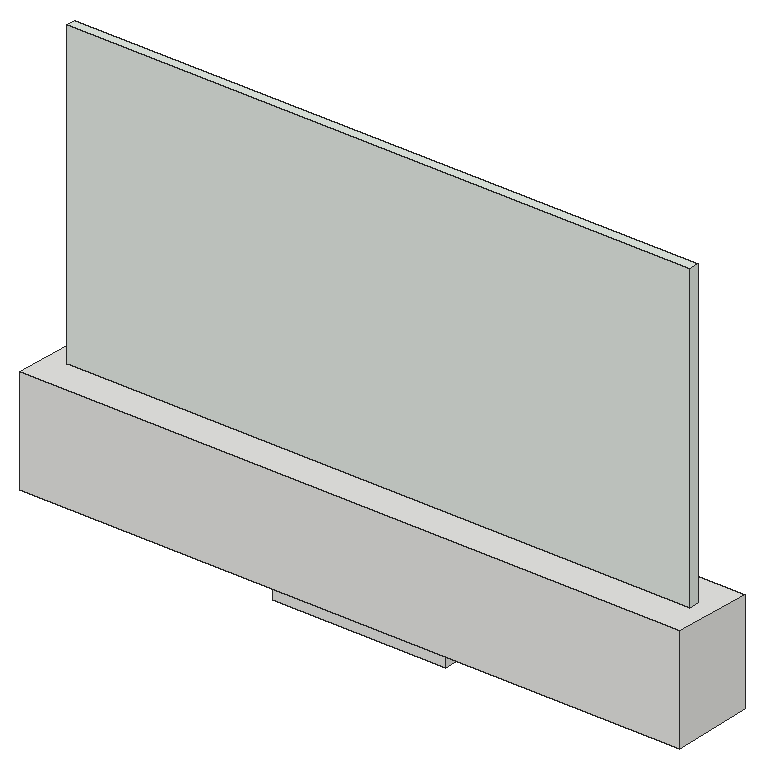
Revit family "Lighting_Emergency&Security_Linergy_Astra", category Lighting Fixtures, host Face, Revit 2018
Family settings
  Host = Face
  Round Connector Dimension = Use Diameter
  Part Type = Normal
  OmniClass Number = 23.35.47.15
  OmniClass Title = Exit Illuminated Signs
  Cut with Voids When Loaded = No
  Light Source = Yes
  Shared = No
  Room Calculation Point = No
Parameters (values of type "Default - please load Revit Family Type Catalog")
  Wattage = 2.2 W
  built-in parameter 1150110 = 1 (stored number, unit not read)
  Voltage = 230 V
  Viewing distance = "22 m"
  URL - Article page = "https://www.linergy.it/en/article/AS1201/"
  URL = "https://www.linergy.it/en/product/astra/"
  Type 32 = not(Type 22)  # no
  Type 22 = yes
  built-in parameter 1114217 = 1 (stored number, unit not read)
  Tilt Angle = 90.00°
  built-in parameter 1150109 = 1 (stored number, unit not read)
  built-in parameter 1150134 = 3
  Technical description = "https://www.linergy.it/en/product/astra/"
  built-in parameter 1150113 = 1 (stored number, unit not read)
  QR code = "https://bimobject.com/linergy/product/astra"
  Protection degree = "IP40"
  Product url = "https://www.linergy.it/en/product/astra/"
  Product name = "ASTRA - Emergency signalling luminaire"
  Product group = "Signalling luminaires"
  Product family = "Signalling luminaires"
  Product data url = "https://bimobject.com/linergy/product/astra"
  Product certification = "https://www.linergy.it/en/product/astra/"
  Product SKU = "astra"
  Product Guid = "e71a8c37-d0ef-48fd-8abf-63ec5bc0de21"
  Power supply = "230 Vac"
  Power Factor = "0"
  Photometric Web File = "generic"
  OmniClass Description = "Exit Illuminated Signs"
  OmniClass Code = "23-35 47 15"
  Number of Poles = 1
  built-in parameter 1150142 = (empty or 0)
  Mounting Opt 3 = Mounting : Wall
  Mounting Opt 2 = Mounting : Flag
  Mounting Opt 1 = Mounting : Ceiling
  Mounting [instance] = Mounting : Ceiling
  Model = "AS1201"
  Material secondary = "Electronic & optical components"
  Material main = "PC/ABS"
  Manufacturer name = "Linergy"
  Manufacturer country = "Italy"
  Manufacturer = "Linergy"
  built-in parameter 1150105 = 330 (stored number, unit not read)
  Lumens = 1380 lm
  built-in parameter 1150115 = 1 (stored number, unit not read)
  built-in parameter 1150137 = (empty or 0)
  built-in parameter 1150139 = (empty or 0)
  Lamp type = "NM/M"
  built-in parameter 1150112 = 1 (stored number, unit not read)
  built-in parameter 1150114 = 1 (stored number, unit not read)
  Insulation class = "II"
  Installation instructions = "https://www.linergy.it/en/product/astra/"
  Input power = 2.2 W
  built-in parameter 1150132 = (empty or 0)
  built-in parameter 1150102 = (empty or 0)
  built-in parameter 1150107 = 3200 (stored number, unit not read)
  built-in parameter 1150138 = (empty or 0)
  built-in parameter 1150106 = 1.0982 (stored number, unit not read)
  IFC Classification = "Light Fixture"
  Function = "Inhibit"
  built-in parameter 1150104 = 13.935 (stored number, unit not read)
  Dimming Lamp Color Temperature Shift = <None>
  Description = "LED Emergency signalling luminaires."  # constant formula
  Color Filter = 16777215
  built-in parameter 1114218 = 1 (stored number, unit not read)
  built-in parameter 1150133 = 10 (stored number, unit not read)
  Apparent Load = 0 VA
  32 Wall mounted right [instance] = if(and((Arrow = Arrow Opt 3), (Mounting = Mounting Opt 3), (Type 32)), 1 = 1, 1 = 0)  # no
  32 Wall mounted left [instance] = if(and((Arrow = Arrow Opt 2), (Mounting = Mounting Opt 3), (Type 32)), 1 = 1, 1 = 0)  # no
  32 Wall mounted down [instance] = if(and((Arrow = Arrow Opt 1), (Mounting = Mounting Opt 3), (Type 32)), 1 = 1, 1 = 0)  # no
  32 Flag mounted right [instance] = if(and((Arrow = Arrow Opt 3), (Mounting = Mounting Opt 2), (Type 32)), 1 = 1, 1 = 0)  # no
  32 Flag mounted left [instance] = if(and((Arrow = Arrow Opt 2), (Mounting = Mounting Opt 2), (Type 32)), 1 = 1, 1 = 0)  # no
  32 Flag mounted down [instance] = if(and((Arrow = Arrow Opt 1), (Mounting = Mounting Opt 2), (Type 32)), 1 = 1, 1 = 0)  # no
  32 Ceiling mounted ritgh [instance] = if(and((Arrow = Arrow Opt 3), (Mounting = Mounting Opt 1), (Type 32)), 1 = 1, 1 = 0)  # no
  32 Ceiling mounted left [instance] = if(and((Arrow = Arrow Opt 2), (Mounting = Mounting Opt 1), (Type 32)), 1 = 1, 1 = 0)  # no
  32 Ceiling mounted down [instance] = if(and((Arrow = Arrow Opt 1), (Mounting = Mounting Opt 1), (Type 32)), 1 = 1, 1 = 0)  # no
  22 Wall mounted down [instance] = if(and((Arrow = Arrow Opt 1), (Mounting = Mounting Opt 3), (Type 22)), 1 = 1, 1 = 0)  # no
  22 Flag mounted left [instance] = if(and((Arrow = Arrow Opt 2), (Mounting = Mounting Opt 2), (Type 22)), 1 = 1, 1 = 0)  # no
  Edition number = 1
  Duration = "1/2/3 h"
  Design country = "Italy"
  Default Elevation = 1219.2 mm
  Battery = "Li-FePO4 3,2V 1,5Ah"
  BIMobject category = "Emergency & Security"
  Arrow Opt 3 = Direction : Right
  Arrow Opt 2 = Direction : Left
  Arrow Opt 1 = Direction : Down
  Arrow [instance] = Direction : Down
  Apparent Load Phase 3 = 0 VA
  Apparent Load Phase 2 = 0 VA
  22 Wall mounted right [instance] = if(and((Arrow = Arrow Opt 3), (Mounting = Mounting Opt 3), (Type 22)), 1 = 1, 1 = 0)  # no
  22 Wall mounted left [instance] = if(and((Arrow = Arrow Opt 2), (Mounting = Mounting Opt 3), (Type 22)), 1 = 1, 1 = 0)  # no
  22 Flag mouted right [instance] = if(and((Arrow = Arrow Opt 3), (Mounting = Mounting Opt 2), (Type 22)), 1 = 1, 1 = 0)  # no
  22 Flag mounted down [instance] = if(and((Arrow = Arrow Opt 1), (Mounting = Mounting Opt 2), (Type 22)), 1 = 1, 1 = 0)  # no
  22 Ceiling mounted right [instance] = if(and((Arrow = Arrow Opt 3), (Mounting = Mounting Opt 1), (Type 22)), 1 = 1, 1 = 0)  # no
  22 Ceiling mounted left [instance] = if(and((Arrow = Arrow Opt 2), (Mounting = Mounting Opt 1), (Type 22)), 1 = 1, 1 = 0)  # no
  22 Ceiling mounted down [instance] = if(and((Arrow = Arrow Opt 1), (Mounting = Mounting Opt 1), (Type 22)), 1 = 1, 1 = 0)  # yes
Reference planes
  plane 1 "Center (Front/Back)": y = 0
  plane 2: z = 0
  plane 3 "Center (Left/Right)": x = 0
Forms (mm)
  Extrusion 1, solid, not visible
    sketch origin (0, 0, 0) x (1, 0, 0) y (0, 1, 0)
      loop
        line (-15, 15) -> (-15, -15) -> (15, -15) -> (15, 15) -> (-15, 15)
    from 0 to 30
Dimensions and locks
  aligned and locked: plane 2 to host face
  aligned and locked: level to host face
Nested families
  nested 1: "Mounting" at (69.983, 470.479, 0), type "Ceiling"
  nested 2: "Type" at (0, 0, 0), 22 Ceiling mounted down <- "22 Ceiling mounted down", 22 Ceiling mounted left <- "22 Ceiling mounted left", 22 Ceiling mounted right <- "22 Ceiling mounted right", 22 Flag mounted right <- "22 Flag mouted right", 22 Flag mounted down <- "22 Flag mounted down", 22 Flag mounted left <- "22 Flag mounted left", 22 Wall mounted left <- "22 Wall mounted left", 22 Wall mounted right <- "22 Wall mounted right", 22 Wall mounted down <- "22 Wall mounted down", 32 Ceiling mounted down <- "32 Ceiling mounted down", 32 Ceiling mounted left <- "32 Ceiling mounted left", 32 Ceiling mounted right <- "32 Ceiling mounted ritgh", 32 Flag mounted down <- "32 Flag mounted down", 32 Flag mounted left <- "32 Flag mounted left", 32 Flag mounted right <- "32 Flag mounted right", 32 Wall mounted down <- "32 Wall mounted down", 32 Wall mounted lef <- "32 Wall mounted left", 32 Wall mounted right <- "32 Wall mounted right", type "Astra"
    with 32 Wall mounted right no, 32 Wall mounted lef no, 32 Wall mounted down no, 32 Flag mounted right no, 32 Flag mounted left no, 32 Flag mounted down no, 32 Ceiling mounted right no, 32 Ceiling mounted left no, 32 Ceiling mounted down no, 22 Wall mounted right no, 22 Wall mounted left no, 22 Wall mounted down no, 22 Flag mounted right no, 22 Flag mounted left no, 22 Flag mounted down no, 22 Ceiling mounted right no, 22 Ceiling mounted left no, 22 Ceiling mounted down yes
Connectors
  electrical at (0, 0, 0), driven by "Apparent Load", driven by "Voltage", driven by "Number of Poles"
    settings: on Extrusion 1, index 1, voltage 230 V, apparent load 0 VA, apparent load phase1 0 VA, apparent load phase2 0 VA, apparent load phase3 0 VA, power factor 1, load classification "Power", number of poles 1, system type 31, power factor state 1, is connector primary yes, connector utility no, sub classification motor no, connector description "Power input"
Definition of nested family "Type"
  Parameters (values of type "Astra")
    sign material = none
    base material = none
    32 right_90 = none
    32 right_270 = none
    32 right = none
    32 left_90 = none
    32 left_270 = none
    32 left = none
    32 down_90 = none
    32 down_270 = none
    32 down = none
    32 Wall mounted right [instance] = no
    32 Wall mounted lef [instance] = no
    32 Wall mounted down [instance] = no
    32 Flag mounted right [instance] = no
    32 Flag mounted left [instance] = no
    32 Flag mounted down [instance] = no
    32 Ceiling mounted right [instance] = no
    32 Ceiling mounted left [instance] = no
    32 Ceiling mounted down [instance] = no
    22 right_90 = none
    22 right_270 = none
    22 right = none
    22 left_90 = none
    22 left_270 = none
    22 left = none
    22 down_90 = none
    22 down_270 = none
    22 down = none
    22 Wall mounted right [instance] = no
    22 Wall mounted left [instance] = no
    22 Wall mounted down [instance] = no
    22 Flag mounted right [instance] = no
    22 Flag mounted left [instance] = yes
    22 Flag mounted down [instance] = no
    22 Ceiling mounted right [instance] = no
    22 Ceiling mounted left [instance] = no
    22 Ceiling mounted down [instance] = no
  Reference planes
    plane 1 "Center (Front/Back)": y = 0
    plane 2: z = 0
    plane 3 "Center (Left/Right)": x = 0
  Forms (mm)
    Extrusion 1, solid, material <- "base material", visible <- "22 Flag mounted right", detail levels fine
      sketch origin (0, 0, 7.5) x (0, -1, 0) y (0, 0, -1)
        loop
          line (35.4, 0) -> (35.4, 7.5) -> (-35.4, 7.5) -> (-35.4, 0) -> (35.4, 0)
      from -11.8 to 11.8
    Extrusion 2, solid, material <- "base material", visible <- "22 Flag mounted right", detail levels coarse+medium
      sketch origin (0, 28.5, 142.8) x (-1, 0, 0) y (0, -1, 0)
        loop
          line (16.5, 7.5) -> (16.5, 50.6) -> (-16.5, 50.6) -> (-16.5, 7.5) -> (16.5, 7.5)
      from -142.8 to 135.3
    Extrusion 3, solid, material <- "22 right_90", visible <- "22 Flag mounted right"
      sketch origin (0, 28.5, 142.8) x (-1, 0, 0) y (0, -1, 0)
        loop
          line (-2, 174.3) -> (-2, 50.117) -> (2, 49.983) -> (2, 174.3) -> (-2, 174.3)
      from -127.5 to 127.5
    Extrusion 4, solid, material <- "base material", visible <- "22 Wall mounted right", detail levels fine
      sketch origin (0, 0, 7.5) x (1, 0, 0) y (0, 0, -1)
        loop
          line (35.4, 0) -> (35.4, 7.5) -> (-35.4, 7.5) -> (-35.4, 0) -> (35.4, 0)
      from -11.4 to 11.4
    Extrusion 5, solid, material <- "22 right", visible <- "22 Wall mounted right"
      sketch origin (-3.75, 28.5, 24) x (0, 0, -1) y (0, -1, 0)
        loop
          line (-2, 174.3) -> (-2, 49.983) -> (2, 50.117) -> (2, 174.3) -> (-2, 174.3)
      from -127.5 to 127.5
    Extrusion 6, solid, material <- "base material", visible <- "22 Wall mounted right", detail levels coarse+medium
      sketch origin (-3.75, 28.5, 24) x (0, 0, 1) y (0, 1, 0)
        loop
          line (16.5, -50.6) -> (16.5, -7.5) -> (-24, -7.5) -> (-24, -50.6) -> (16.5, -50.6)
      from -135.3 to 135.3
    Extrusion 7, solid, material <- "base material", visible <- "22 Ceiling mounted right", detail levels fine
      sketch origin (0, 0, 0) x (1, 0, 0) y (0, 0, 1)
        loop
          line (35.4, 0) -> (35.4, 7.5) -> (-35.4, 7.5) -> (-35.4, 0) -> (35.4, 0)
      from -11.8 to 11.8
    Extrusion 8, solid, material <- "base material", visible <- "22 Ceiling mounted right", detail levels coarse+medium
      sketch origin (0, 0, 0) x (0, 1, 0) y (0, 0, 1)
        loop
          line (-16.5, 50.6) -> (-16.5, 0) -> (16.5, 0) -> (16.5, 50.6) -> (-16.5, 50.6)
      from -135.3 to 135.3
    Extrusion 9, solid, material <- "22 right", visible <- "22 Ceiling mounted right"
      sketch origin (0, 0, 0) x (0, 1, 0) y (0, 0, 1)
        loop
          line (-2, 174.3) -> (-2, 50.117) -> (2, 49.983) -> (2, 174.3) -> (-2, 174.3)
      from -127.5 to 127.5
    Extrusion 10, solid, material <- "base material", visible <- "22 Ceiling mounted left", detail levels fine
      sketch origin (0, 0, 0) x (1, 0, 0) y (0, 0, 1)
        loop
          line (35.4, 0) -> (35.4, 7.5) -> (-35.4, 7.5) -> (-35.4, 0) -> (35.4, 0)
      from -11.8 to 11.8
    Extrusion 11, solid, material <- "base material", visible <- "22 Ceiling mounted left", detail levels coarse+medium
      sketch origin (0, 0, 0) x (0, 1, 0) y (0, 0, 1)
        loop
          line (-16.5, 50.6) -> (-16.5, 0) -> (16.5, 0) -> (16.5, 50.6) -> (-16.5, 50.6)
      from -135.3 to 135.3
    Extrusion 12, solid, material <- "22 left", visible <- "22 Ceiling mounted left"
      sketch origin (0, 0, 0) x (0, 1, 0) y (0, 0, 1)
        loop
          line (-2, 174.3) -> (-2, 50.117) -> (2, 49.983) -> (2, 174.3) -> (-2, 174.3)
      from -127.5 to 127.5
    Extrusion 13, solid, material <- "base material", visible <- "22 Ceiling mounted down", detail levels fine
      sketch origin (0, 0, 0) x (1, 0, 0) y (0, 0, 1)
        loop
          line (35.4, 0) -> (35.4, 7.5) -> (-35.4, 7.5) -> (-35.4, 0) -> (35.4, 0)
      from -11.8 to 11.8
    Extrusion 14, solid, material <- "base material", visible <- "22 Ceiling mounted down", detail levels coarse+medium
      sketch origin (0, 0, 0) x (0, 1, 0) y (0, 0, 1)
        loop
          line (16.5, 0) -> (16.5, 50.6) -> (-16.5, 50.6) -> (-16.5, 0) -> (16.5, 0)
      from -135.3 to 135.3
    Extrusion 15, solid, material <- "22 down", visible <- "22 Ceiling mounted down"
      sketch origin (0, 0, 0) x (0, 1, 0) y (0, 0, 1)
        loop
          line (-2, 174.3) -> (-2, 50.117) -> (2, 49.983) -> (2, 174.3) -> (-2, 174.3)
      from -127.5 to 127.5
    Extrusion 16, solid, material <- "base material", visible <- "22 Flag mounted left", detail levels fine
      sketch origin (0, 0, 7.5) x (0, -1, 0) y (0, 0, -1)
        loop
          line (35.4, 0) -> (35.4, 7.5) -> (-35.4, 7.5) -> (-35.4, 0) -> (35.4, 0)
      from -11.8 to 11.8
    Extrusion 17, solid, material <- "base material", visible <- "22 Flag mounted left", detail levels coarse+medium
      sketch origin (0, 28.5, 142.8) x (-1, 0, 0) y (0, -1, 0)
        loop
          line (16.5, 7.5) -> (16.5, 50.6) -> (-16.5, 50.6) -> (-16.5, 7.5) -> (16.5, 7.5)
      from -142.8 to 135.3
    Extrusion 18, solid, material <- "22 left_90", visible <- "22 Flag mounted left"
      sketch origin (0, 28.5, 142.8) x (-1, 0, 0) y (0, -1, 0)
        loop
          line (-2, 174.3) -> (-2, 50.117) -> (2, 49.983) -> (2, 174.3) -> (-2, 174.3)
      from -127.5 to 127.5
    Extrusion 19, solid, material <- "base material", visible <- "22 Flag mounted down", detail levels fine
      sketch origin (0, 0, 7.5) x (0, -1, 0) y (0, 0, -1)
        loop
          line (35.4, 0) -> (35.4, 7.5) -> (-35.4, 7.5) -> (-35.4, 0) -> (35.4, 0)
      from -11.8 to 11.8
    Extrusion 20, solid, material <- "base material", visible <- "22 Flag mounted down", detail levels coarse+medium
      sketch origin (0, 28.5, 142.8) x (-1, 0, 0) y (0, -1, 0)
        loop
          line (16.5, 7.5) -> (16.5, 50.6) -> (-16.5, 50.6) -> (-16.5, 7.5) -> (16.5, 7.5)
      from -142.8 to 135.3
    Extrusion 21, solid, material <- "22 down", visible <- "22 Flag mounted down"
      sketch origin (0, 28.5, 142.8) x (-1, 0, 0) y (0, -1, 0)
        loop
          line (-2, 174.3) -> (-2, 50.117) -> (2, 49.983) -> (2, 174.3) -> (-2, 174.3)
      from -127.5 to 127.5
    Extrusion 22, solid, material <- "base material", visible <- "22 Wall mounted left", detail levels fine
      sketch origin (0, 0, 7.5) x (1, 0, 0) y (0, 0, -1)
        loop
          line (35.4, 0) -> (35.4, 7.5) -> (-35.4, 7.5) -> (-35.4, 0) -> (35.4, 0)
      from -11.4 to 11.4
    Extrusion 23, solid, material <- "22 left", visible <- "22 Wall mounted left"
      sketch origin (-3.75, 28.5, 24) x (0, 0, -1) y (0, -1, 0)
        loop
          line (-2, 174.3) -> (-2, 49.983) -> (2, 50.117) -> (2, 174.3) -> (-2, 174.3)
      from -127.5 to 127.5
    Extrusion 24, solid, material <- "base material", visible <- "22 Wall mounted left", detail levels coarse+medium
      sketch origin (-3.75, 28.5, 24) x (0, 0, 1) y (0, 1, 0)
        loop
          line (16.5, -50.6) -> (16.5, -7.5) -> (-24, -7.5) -> (-24, -50.6) -> (16.5, -50.6)
      from -135.3 to 135.3
    Extrusion 25, solid, material <- "base material", visible <- "22 Wall mounted down", detail levels fine
      sketch origin (0, 0, 7.5) x (1, 0, 0) y (0, 0, -1)
        loop
          line (35.4, 0) -> (35.4, 7.5) -> (-35.4, 7.5) -> (-35.4, 0) -> (35.4, 0)
      from -11.4 to 11.4
    Extrusion 26, solid, material <- "22 down", visible <- "22 Wall mounted down"
      sketch origin (-3.75, 28.5, 24) x (0, 0, -1) y (0, -1, 0)
        loop
          line (-2, 174.3) -> (-2, 49.983) -> (2, 50.117) -> (2, 174.3) -> (-2, 174.3)
      from -127.5 to 127.5
    Extrusion 27, solid, material <- "base material", visible <- "22 Wall mounted down", detail levels coarse+medium
      sketch origin (-3.75, 28.5, 24) x (0, 0, 1) y (0, 1, 0)
        loop
          line (16.5, -7.5) -> (-24, -7.5) -> (-24, -50.6) -> (16.5, -50.6) -> (16.5, -7.5)
      from -135.3 to 135.3
    Extrusion 28, solid, material <- "base material", visible <- "32 Flag mounted right", detail levels fine
      sketch origin (0, 0, 7.5) x (0, -1, 0) y (0, 0, -1)
        loop
          line (35.4, 0) -> (35.4, 7.5) -> (-35.4, 7.5) -> (-35.4, 0) -> (35.4, 0)
      from -11.8 to 11.8
    Extrusion 29, solid, material <- "base material", visible <- "32 Flag mounted right", detail levels coarse+medium
      sketch origin (0, 28.5, 142.8) x (-1, 0, 0) y (0, -1, 0)
        loop
          line (16.5, 7.5) -> (16.5, 50.6) -> (-16.5, 50.6) -> (-16.5, 7.5) -> (16.5, 7.5)
      from -142.8 to 135.3
    Extrusion 30, solid, material <- "32 right_90", visible <- "32 Flag mounted right"
      sketch origin (0, 28.5, 142.8) x (-1, 0, 0) y (0, -1, 0)
        loop
          line (-2, 213.6) -> (-2, 50.117) -> (2, 49.983) -> (2, 213.6) -> (-2, 213.6)
      from -127.5 to 127.5
    Extrusion 31, solid, material <- "base material", visible <- "32 Wall mounted right", detail levels fine
      sketch origin (0, 0, 7.5) x (1, 0, 0) y (0, 0, -1)
        loop
          line (35.4, 0) -> (35.4, 7.5) -> (-35.4, 7.5) -> (-35.4, 0) -> (35.4, 0)
      from -11.4 to 11.4
    Extrusion 32, solid, material <- "32 right", visible <- "32 Wall mounted right"
      sketch origin (-3.75, 28.5, 24) x (0, 0, -1) y (0, -1, 0)
        loop
          line (-2, 213.6) -> (-2, 49.983) -> (2, 50.117) -> (2, 213.6) -> (-2, 213.6)
      from -127.5 to 127.5
    Extrusion 33, solid, material <- "base material", visible <- "32 Wall mounted right", detail levels coarse+medium
      sketch origin (-3.75, 28.5, 24) x (0, 0, 1) y (0, 1, 0)
        loop
          line (16.5, -50.6) -> (16.5, -7.5) -> (-24, -7.5) -> (-24, -50.6) -> (16.5, -50.6)
      from -135.3 to 135.3
    Extrusion 34, solid, material <- "base material", visible <- "32 Ceiling mounted right", detail levels fine
      sketch origin (0, 0, 0) x (1, 0, 0) y (0, 0, 1)
        loop
          line (35.4, 0) -> (35.4, 7.5) -> (-35.4, 7.5) -> (-35.4, 0) -> (35.4, 0)
      from -11.8 to 11.8
    Extrusion 35, solid, material <- "base material", visible <- "32 Ceiling mounted right", detail levels coarse+medium
      sketch origin (0, 0, 0) x (0, 1, 0) y (0, 0, 1)
        loop
          line (-16.5, 50.6) -> (-16.5, 0) -> (16.5, 0) -> (16.5, 50.6) -> (-16.5, 50.6)
      from -135.3 to 135.3
    Extrusion 36, solid, material <- "32 right", visible <- "32 Ceiling mounted right"
      sketch origin (0, 0, 0) x (0, 1, 0) y (0, 0, 1)
        loop
          line (-2, 213.6) -> (-2, 50.117) -> (2, 49.983) -> (2, 213.6) -> (-2, 213.6)
      from -127.5 to 127.5
    Extrusion 37, solid, material <- "base material", visible <- "32 Ceiling mounted left", detail levels fine
      sketch origin (0, 0, 0) x (1, 0, 0) y (0, 0, 1)
        loop
          line (35.4, 0) -> (35.4, 7.5) -> (-35.4, 7.5) -> (-35.4, 0) -> (35.4, 0)
      from -11.8 to 11.8
    Extrusion 38, solid, material <- "base material", visible <- "32 Ceiling mounted left", detail levels coarse+medium
      sketch origin (0, 0, 0) x (0, 1, 0) y (0, 0, 1)
        loop
          line (-16.5, 50.6) -> (-16.5, 0) -> (16.5, 0) -> (16.5, 50.6) -> (-16.5, 50.6)
      from -135.3 to 135.3
    Extrusion 39, solid, material <- "32 left", visible <- "32 Ceiling mounted left"
      sketch origin (0, 0, 0) x (0, 1, 0) y (0, 0, 1)
        loop
          line (-2, 213.6) -> (-2, 50.117) -> (2, 49.983) -> (2, 213.6) -> (-2, 213.6)
      from -127.5 to 127.5
    Extrusion 40, solid, material <- "base material", visible <- "32 Ceiling mounted down", detail levels fine
      sketch origin (0, 0, 0) x (1, 0, 0) y (0, 0, 1)
        loop
          line (35.4, 0) -> (35.4, 7.5) -> (-35.4, 7.5) -> (-35.4, 0) -> (35.4, 0)
      from -11.8 to 11.8
    Extrusion 41, solid, material <- "base material", visible <- "32 Ceiling mounted down", detail levels coarse+medium
      sketch origin (0, 0, 0) x (0, 1, 0) y (0, 0, 1)
        loop
          line (-16.5, 50.6) -> (-16.5, 0) -> (16.5, 0) -> (16.5, 50.6) -> (-16.5, 50.6)
      from -135.3 to 135.3
    Extrusion 42, solid, material <- "32 down", visible <- "32 Ceiling mounted down"
      sketch origin (0, 0, 0) x (0, 1, 0) y (0, 0, 1)
        loop
          line (-2, 213.6) -> (-2, 50.117) -> (2, 49.983) -> (2, 213.6) -> (-2, 213.6)
      from -127.5 to 127.5
    Extrusion 43, solid, material <- "base material", visible <- "32 Flag mounted left", detail levels fine
      sketch origin (0, 0, 7.5) x (0, -1, 0) y (0, 0, -1)
        loop
          line (35.4, 0) -> (35.4, 7.5) -> (-35.4, 7.5) -> (-35.4, 0) -> (35.4, 0)
      from -11.8 to 11.8
    Extrusion 44, solid, material <- "base material", visible <- "32 Flag mounted left", detail levels coarse+medium
      sketch origin (0, 28.5, 142.8) x (-1, 0, 0) y (0, -1, 0)
        loop
          line (16.5, 7.5) -> (16.5, 50.6) -> (-16.5, 50.6) -> (-16.5, 7.5) -> (16.5, 7.5)
      from -142.8 to 135.3
    Extrusion 45, solid, material <- "32 left_90", visible <- "32 Flag mounted left"
      sketch origin (0, 28.5, 142.8) x (-1, 0, 0) y (0, -1, 0)
        loop
          line (-2, 213.6) -> (-2, 50.117) -> (2, 49.983) -> (2, 213.6) -> (-2, 213.6)
      from -127.5 to 127.5
    Extrusion 46, solid, material <- "base material", visible <- "32 Flag mounted down", detail levels fine
      sketch origin (0, 0, 7.5) x (0, -1, 0) y (0, 0, -1)
        loop
          line (35.4, 0) -> (35.4, 7.5) -> (-35.4, 7.5) -> (-35.4, 0) -> (35.4, 0)
      from -11.8 to 11.8
    Extrusion 47, solid, material <- "base material", visible <- "32 Flag mounted down", detail levels coarse+medium
      sketch origin (0, 28.5, 142.8) x (-1, 0, 0) y (0, -1, 0)
        loop
          line (16.5, 7.5) -> (16.5, 50.6) -> (-16.5, 50.6) -> (-16.5, 7.5) -> (16.5, 7.5)
      from -142.8 to 135.3
    Extrusion 48, solid, material <- "32 down_90", visible <- "32 Flag mounted down"
      sketch origin (0, 28.5, 142.8) x (-1, 0, 0) y (0, -1, 0)
        loop
          line (-2, 213.6) -> (-2, 50.117) -> (2, 49.983) -> (2, 213.6) -> (-2, 213.6)
      from -127.5 to 127.5
    Extrusion 49, solid, material <- "base material", visible <- "32 Wall mounted lef", detail levels fine
      sketch origin (0, 0, 7.5) x (1, 0, 0) y (0, 0, -1)
        loop
          line (35.4, 0) -> (35.4, 7.5) -> (-35.4, 7.5) -> (-35.4, 0) -> (35.4, 0)
      from -11.4 to 11.4
    Extrusion 50, solid, material <- "32 left", visible <- "32 Wall mounted lef"
      sketch origin (-3.75, 28.5, 24) x (0, 0, -1) y (0, -1, 0)
        loop
          line (-2, 213.6) -> (-2, 49.983) -> (2, 50.117) -> (2, 213.6) -> (-2, 213.6)
      from -127.5 to 127.5
    Extrusion 51, solid, material <- "base material", visible <- "32 Wall mounted lef", detail levels coarse+medium
      sketch origin (-3.75, 28.5, 24) x (0, 0, 1) y (0, 1, 0)
        loop
          line (16.5, -50.6) -> (16.5, -7.5) -> (-24, -7.5) -> (-24, -50.6) -> (16.5, -50.6)
      from -135.3 to 135.3
    Extrusion 52, solid, material <- "base material", visible <- "32 Wall mounted down", detail levels fine
      sketch origin (0, 0, 7.5) x (1, 0, 0) y (0, 0, -1)
        loop
          line (35.4, 0) -> (35.4, 7.5) -> (-35.4, 7.5) -> (-35.4, 0) -> (35.4, 0)
      from -11.4 to 11.4
    Extrusion 53, solid, material <- "32 down", visible <- "32 Wall mounted down"
      sketch origin (-3.75, 28.5, 24) x (0, 0, -1) y (0, -1, 0)
        loop
          line (-2, 213.6) -> (-2, 49.983) -> (2, 50.117) -> (2, 213.6) -> (-2, 213.6)
      from -127.5 to 127.5
    Extrusion 54, solid, material <- "base material", visible <- "32 Wall mounted down", detail levels coarse+medium
      sketch origin (-3.75, 28.5, 24) x (0, 0, 1) y (0, 1, 0)
        loop
          line (16.5, -50.6) -> (16.5, -7.5) -> (-24, -7.5) -> (-24, -50.6) -> (16.5, -50.6)
      from -135.3 to 135.3
    Extrusion 55, solid, material <- "base material", visible <- "22 Wall mounted right", detail levels fine
      sketch origin (-3.75, 28.5, 24) x (0, 0, 1) y (0, 1, 0)
        loop
          line (16.5, -7.5) -> (-16.5, -7.5) -> (-16.5, -50.6) -> (16.5, -49.5) -> (16.5, -7.5)
      from -135.3 to 135.3
    Extrusion 56, solid, material <- "base material", visible <- "22 Wall mounted left", detail levels fine
      sketch origin (-3.75, 28.5, 24) x (0, 0, 1) y (0, 1, 0)
        loop
          line (16.5, -7.5) -> (-16.5, -7.5) -> (-16.5, -50.6) -> (16.5, -49.5) -> (16.5, -7.5)
      from -135.3 to 135.3
    Extrusion 57, solid, material <- "base material", visible <- "22 Wall mounted down", detail levels fine
      sketch origin (-3.75, 28.5, 24) x (0, 0, 1) y (0, 1, 0)
        loop
          line (16.5, -7.5) -> (-16.5, -7.5) -> (-16.5, -50.6) -> (16.5, -49.5) -> (16.5, -7.5)
      from -135.3 to 135.3
    Extrusion 58, solid, material <- "base material", visible <- "32 Wall mounted right", detail levels fine
      sketch origin (-3.75, 28.5, 24) x (0, 0, 1) y (0, 1, 0)
        loop
          line (16.5, -7.5) -> (-16.5, -7.5) -> (-16.5, -50.6) -> (16.5, -49.5) -> (16.5, -7.5)
      from -135.3 to 135.3
    Extrusion 59, solid, material <- "base material", visible <- "32 Wall mounted lef", detail levels fine
      sketch origin (-3.75, 28.5, 24) x (0, 0, 1) y (0, 1, 0)
        loop
          line (16.5, -7.5) -> (-16.5, -7.5) -> (-16.5, -50.6) -> (16.5, -49.5) -> (16.5, -7.5)
      from -135.3 to 135.3
    Extrusion 60, solid, material <- "base material", visible <- "32 Wall mounted down", detail levels fine
      sketch origin (-3.75, 28.5, 24) x (0, 0, 1) y (0, 1, 0)
        loop
          line (16.5, -7.5) -> (-16.5, -7.5) -> (-16.5, -50.6) -> (16.5, -49.5) -> (16.5, -7.5)
      from -135.3 to 135.3
    Extrusion 61, solid, material <- "base material", visible <- "22 Flag mounted right", detail levels fine
      sketch origin (0, 28.5, 142.8) x (-1, 0, 0) y (0, -1, 0)
        loop
          line (16.5, 7.5) -> (16.5, 49.5) -> (-16.5, 50.6) -> (-16.5, 7.5) -> (16.5, 7.5)
      from -135.3 to 135.3
    Extrusion 62, solid, material <- "base material", visible <- "22 Flag mounted left", detail levels fine
      sketch origin (0, 28.5, 142.8) x (-1, 0, 0) y (0, -1, 0)
        loop
          line (16.5, 7.5) -> (16.5, 49.5) -> (-16.5, 50.6) -> (-16.5, 7.5) -> (16.5, 7.5)
      from -135.3 to 135.3
    Extrusion 63, solid, material <- "base material", visible <- "22 Flag mounted down", detail levels fine
      sketch origin (0, 28.5, 142.8) x (-1, 0, 0) y (0, -1, 0)
        loop
          line (16.5, 7.5) -> (16.5, 49.5) -> (-16.5, 50.6) -> (-16.5, 7.5) -> (16.5, 7.5)
      from -135.3 to 135.3
    Extrusion 64, solid, material <- "base material", visible <- "32 Flag mounted right", detail levels fine
      sketch origin (0, 28.5, 142.8) x (-1, 0, 0) y (0, -1, 0)
        loop
          line (16.5, 7.5) -> (16.5, 49.5) -> (-16.5, 50.6) -> (-16.5, 7.5) -> (16.5, 7.5)
      from -135.3 to 135.3
    Extrusion 65, solid, material <- "base material", visible <- "32 Flag mounted left", detail levels fine
      sketch origin (0, 28.5, 142.8) x (-1, 0, 0) y (0, -1, 0)
        loop
          line (16.5, 7.5) -> (16.5, 49.5) -> (-16.5, 50.6) -> (-16.5, 7.5) -> (16.5, 7.5)
      from -135.3 to 135.3
    Extrusion 66, solid, material <- "base material", visible <- "32 Flag mounted down", detail levels fine
      sketch origin (0, 28.5, 142.8) x (-1, 0, 0) y (0, -1, 0)
        loop
          line (16.5, 7.5) -> (16.5, 49.5) -> (-16.5, 50.6) -> (-16.5, 7.5) -> (16.5, 7.5)
      from -135.3 to 135.3
    Extrusion 67, solid, material <- "base material", visible <- "22 Ceiling mounted right", detail levels fine
      sketch origin (0, 0, 0) x (0, 1, 0) y (0, 0, 1)
        loop
          line (16.5, 7.5) -> (16.5, 49.5) -> (-16.5, 50.6) -> (-16.5, 7.5) -> (16.5, 7.5)
      from -135.3 to 135.3
    Extrusion 68, solid, material <- "base material", visible <- "22 Ceiling mounted left", detail levels fine
      sketch origin (0, 0, 0) x (0, 1, 0) y (0, 0, 1)
        loop
          line (16.5, 7.5) -> (16.5, 49.5) -> (-16.5, 50.6) -> (-16.5, 7.5) -> (16.5, 7.5)
      from -135.3 to 135.3
    Extrusion 69, solid, material <- "base material", visible <- "22 Ceiling mounted down", detail levels fine
      sketch origin (0, 0, 0) x (0, 1, 0) y (0, 0, 1)
        loop
          line (16.5, 7.5) -> (16.5, 49.5) -> (-16.5, 50.6) -> (-16.5, 7.5) -> (16.5, 7.5)
      from -135.3 to 135.3
    Extrusion 70, solid, material <- "base material", visible <- "32 Ceiling mounted right", detail levels fine
      sketch origin (0, 0, 0) x (0, 1, 0) y (0, 0, 1)
        loop
          line (16.5, 7.5) -> (16.5, 49.5) -> (-16.5, 50.6) -> (-16.5, 7.5) -> (16.5, 7.5)
      from -135.3 to 135.3
    Extrusion 71, solid, material <- "base material", visible <- "32 Ceiling mounted left", detail levels fine
      sketch origin (0, 0, 0) x (0, 1, 0) y (0, 0, 1)
        loop
          line (16.5, 7.5) -> (16.5, 49.5) -> (-16.5, 50.6) -> (-16.5, 7.5) -> (16.5, 7.5)
      from -135.3 to 135.3
    Extrusion 72, solid, material <- "base material", visible <- "32 Ceiling mounted down", detail levels fine
      sketch origin (0, 0, 0) x (0, 1, 0) y (0, 0, 1)
        loop
          line (16.5, 7.5) -> (16.5, 49.5) -> (-16.5, 50.6) -> (-16.5, 7.5) -> (16.5, 7.5)
      from -135.3 to 135.3
  Dimensions and locks
    aligned and locked: level to plane 2
Definition of nested family "Mounting"
  Types (4): name
    (no name)
    Ceiling
    Flag
    Wall
  Reference planes
    plane 1 "Center (Front/Back)": y = 0
    plane 2: z = 0
    plane 3 "Center (Left/Right)": x = 0
  Dimensions and locks
    aligned and locked: level to plane 2
